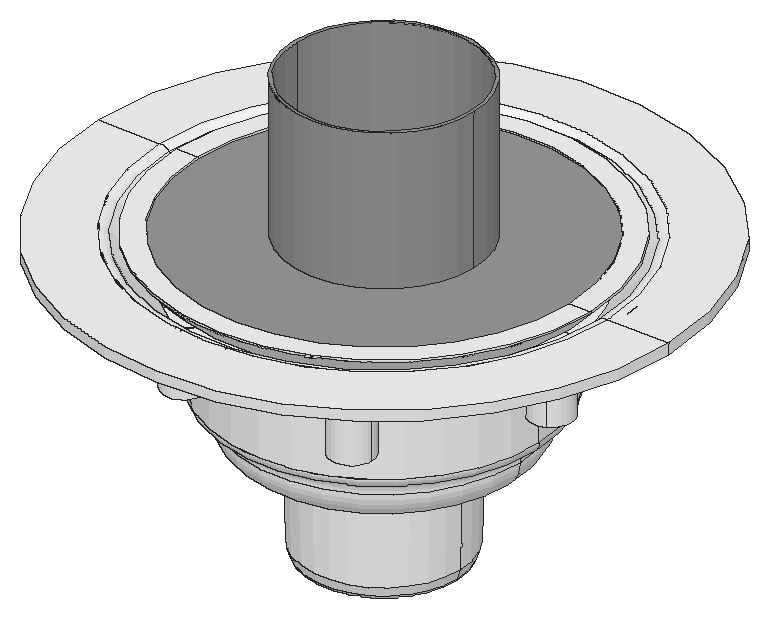
Revit family "3100.110 Down Pipe Junction", category Plumbing Fixtures, Revit 2016
Family settings
  Part Type = Normal
  Round Connector Dimension = Use Diameter
  OmniClass Number = 23.45.00.00
  Work Plane-Based = No
  Always vertical = Yes
  Cut with Voids When Loaded = No
  Shared = No
  Room Calculation Point = No
Parameters (values of type "65x65")
  Waste Connection = yes
  Vent Connection = no
  URL = "www.aquaknight.co.nz"
  Phone = "+6498322214"  # constant formula
  Model = "3000.110"
  Manufacturer = "Aquanight Industries Ltd"  # constant formula
  HW Connection = no
  Email = "info@aquaknight.co.nz"  # constant formula
  Description = "DownPipe Junction 65x65 non-vented"
  Connector Diameter = 65 mm
  CW Connection = no
Reference planes
  plane 1 "Center (Front/Back)": y = 0
  plane 2: z = 0
  plane 3 "Center (Left/Right)": x = 0
  plane 4: z = -94.375
Forms (mm)
  Revolve 1, solid, material "Plastic, Glossy White"
    sketch origin (0, 0, -4) x (1, 0, 0) y (0, 0, 1)
      loop
        line (72.739, -12.5) -> (58.75, -12.5) -> (58.418, -50.494)
        arc (58.418, -50.494) -> (53.232, -54.057) -> (51.2, -60.012) r 10
        arc (51.2, -60.012) -> (48.906, -65.55) -> (43.41, -67.94) r 8
        line (43.41, -67.94) -> (33.742, -68.193)
        arc (33.742, -68.193) -> (29.658, -69.946) -> (27.901, -74.028) r 6
        line (27.901, -74.028) -> (26.87, -112.137) -> (28.37, -112.137)
        arc (28.37, -112.137) -> (29.252, -111.85) -> (29.797, -111.1) r 1.5
        line (29.797, -111.1) -> (31, -107.397) -> (31.9, -74.137)
        arc (31.9, -74.137) -> (32.486, -72.776) -> (33.847, -72.191) r 2
        line (33.847, -72.191) -> (43.515, -71.938)
        arc (43.515, -71.938) -> (51.759, -68.353) -> (55.2, -60.047) r 12
        arc (55.2, -60.047) -> (56.482, -56.392) -> (59.73, -54.282) r 6
        arc (59.73, -54.282) -> (61.906, -52.862) -> (62.75, -50.404) r 4
        line (62.75, -50.404) -> (62.75, -19.5) -> (74.07, -19.5)
        arc (74.07, -19.5) -> (76.898, -18.328) -> (78.07, -15.5) r 4
        line (78.07, -15.5) -> (78.07, -13.633)
        arc (78.07, -13.633) -> (78.244, -12.717) -> (78.742, -11.928) r 2.5
        line (78.742, -11.928) -> (89.123, -0.795)
        arc (89.123, -0.795) -> (89.955, -0.207) -> (90.951, 0) r 2.5
        line (90.951, 0) -> (115, 0) -> (115, 4) -> (90.299, 4)
        arc (90.299, 4) -> (88.306, 3.585) -> (86.643, 2.41) r 5
        line (86.643, 2.41) -> (72.739, -12.5)
      loop
        line (36.5, -4.5) -> (75.5, -4.5) -> (83.653, 3.653) -> (83.653, 4.5) -> (75.25, 4.5) -> (75.25, 0.056) -> (36.5, 0.056) -> (36.5, -4.5)
      axis (0, 4.5) -> (0, -112.137)
    angle from 0 to 360
  Extrusion 2, solid, material "Plastic, Glossy White", detail levels fine
    sketch origin (0, 0, -4) x (1, 0, 0) y (0, 1, 0)
      loop
        circle (67.55, 0) r 8.2
      loop
        circle (33.775, 58.5) r 8.2
      loop
        circle (33.775, -58.5) r 8.2
      loop
        circle (-67.55, 0) r 8.2
      loop
        circle (-33.775, 58.5) r 8.2
      loop
        circle (-33.775, -58.5) r 8.2
    from -38.379 to -12.5
  Extrusion 3, solid, material "Stainless Steel"
    sketch origin (0, -279.02, 0) x (1, 0, 0) y (0, 1, 0)
      loop
        circle (0, 279.02) r 75.25
      loop
        circle (0, 279.02) r 36.5
    from -4 to 0
  Extrusion 4, solid, material "Stainless Steel"
    sketch origin (0, 0, 0) x (1, 0, 0) y (0, 1, 0)
      loop
        circle (0, 0) r 35.3
      loop
        circle (0, 0) r 36.5
    from -14 to 56
Lines and regions (mm)
  model lines, detail levels fine
    curve 1: circle (53.5, 92.665, 0) r 4.5 normal (0, 0, 1)
    curve 2: circle (107, 0, 0) r 4.5 normal (0, 0, -1)
    curve 3: circle (53.5, -92.665, 0) r 4.5 normal (0, 0, -1)
    curve 4: circle (-53.5, 92.665, 0) r 4.5 normal (0, 0, -1)
    curve 5: circle (-107, 0, 0) r 4.5 normal (0, 0, 1)
    curve 6: circle (-53.5, -92.665, 0) r 4.5 normal (0, 0, 1)
Dimensions and locks
  locked: level to plane 4 at 94.375
  locked: connector elem to plane 1 "Center (Front/Back)" at 0
  locked: connector elem to plane 3 "Center (Left/Right)" at 0
  aligned and locked: level to plane 2
Connectors
  piping at (0, 0, -94.375), diameter 65, driven by "Connector Diameter"
    settings: on plane 4, index 1, connector inside diameter 609.6 mm, connector length 0 mm, flow factor 0, pipe flow 0.0 L/s, pressure drop 0.0 Pa, fitting loss kfactor 0, connector angle 0.00°, fixture units 0, engagement length 0 mm, angle of deflection 0.00°, flow configuration 0, flow direction 0, fitting loss method 0, system type 28, joint type 0, gender type 0, connector reference index -1, connector utility 0, adjustable connector no, is connector primary yes, connector description ""
